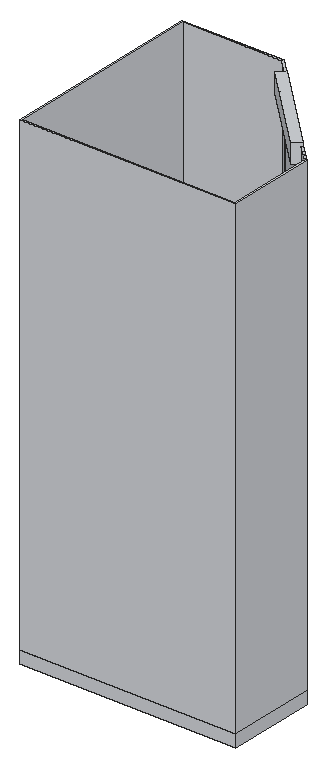
Revit family "80016bc416d04f1f906daacb16152d51", category Plumbing Fixtures, Revit 2021
Family settings
  Round Connector Dimension = Use Radius
  Part Type = Normal
  OmniClass Number = 23.45.05.14.21.11
  OmniClass Title = Bath/Shower Units
  Seek Item ID = Shower Stall - Corner-0000-USA-ENU
  Work Plane-Based = No
  Always vertical = Yes
  Cut with Voids When Loaded = No
  Shared = No
  Room Calculation Point = No
Parameters (values of type "34"x32" - Public")
  Width 1 = 0' 1 1/4" * sin(45.00°)  # 0' - 0.88388"
  WFU = 2
  Shower Width = 2' - 8"
  Shower Stall Material = none
  Shower Length = 2' - 10"
  Shower Height = 6' - 5"
  Sanitary Radius = 1"
  Sanitary Diameter = 2 * Sanitary Radius  # 2"
  Length 1 = 1' - 4"
  Hot Water Radius = 1/4"
  Hot Water Diameter = 2 * Hot Water Radius  # 1/2"
  Height 1 = 3' - 3"
  Half Door Width = 1 / 2 * Door Width  # 0' - 9"
  HWFU = 3
  Flow Pressure [instance] = 8.00 psi
  Door Width = 1' - 6"
  Door Material = none
  Door Handle Material = none
  Default Elevation = 0' - 0"
  Cold Water Radius = 1/4"
  Cold Water Diameter = 2 * Cold Water Radius  # 1/2"
  CWFU = 3
Types (3): name | HWFU | CWFU
  (no name) | 3 | 3
  34"x32" - Private | 1 | 1
  34"x32" - Public | 3 | 3
Reference planes (in)
  plane 1 "Center (Front/Back)": y = 0
  plane 2: z = 0
  plane 3 "Center (Left/Right)": x = 0
  plane 4: z = 77
  plane 5: x = 34
  plane 6: y = 32
  plane 7: y = 31.75
  plane 8: x = 0.25
  plane 9: x = 33.75
  plane 10: y = 0.25
  plane 11: y = 30.5
  plane 12: x = 1.5
  plane 13: x = 32.5
  plane 14: y = 1.5
  plane 15: x = 16
  plane 16: z = 2
  plane 17: z = 1.5
  plane 18: y = 16
  plane 19: x = 17
  plane 20: x = 15.5
  plane 21: x = 18.5
  plane 22: through (18.3839, 29.96965, 48) normal (0.7071, 0.7071, 0)
  plane 23: z = 39
  plane 24: z = 34.75
  plane 25: z = 77.5
  plane 26: z = 74.5
  plane 27: z = 36
  plane 28: y = 20.5
  plane 29: y = 11.5
Forms (in)
  Extrusion 1, solid, material <- "Shower Stall Material"
    sketch origin (0, 0, 0) x (1, 0, 0) y (0, 1, 0)
      loop
        line (0, 32) -> (0, 0) -> (34, 0) -> (34, 14) -> (31.36396, 16.63604) -> (31.18718, 16.45926) -> (33.75, 13.89645) -> (33.75, 0.25) -> (0.25, 0.25) -> (0.25, 31.75) -> (15.89645, 31.75) -> (18.45926, 29.18718) -> (18.63604, 29.36396) -> (16, 32) -> (0, 32)
    from 2 to 77
  Extrusion 2, solid, material <- "Shower Stall Material"
    sketch origin (0, 0, 0) x (1, 0, 0) y (0, 1, 0)
      loop
        line (0, 32) -> (0, 0) -> (34, 0) -> (34, 14) -> (16, 32) -> (0, 32)
    from 0 to 2
  Extrusion 3, void
    sketch origin (0, 0, 0) x (1, 0, 0) y (0, 1, 0)
      loop
        line (1.5, 30.5) -> (1.5, 1.5) -> (32.5, 1.5) -> (32.5, 13.37868) -> (15.37868, 30.5) -> (1.5, 30.5)
    from 1.5 to 2
  Extrusion 4, solid, material <- "Door Material"
    sketch origin (0, 0, 0) x (1, 0, 0) y (0, 1, 0)
      loop
        line (18.63604, 29.36396) -> (18.45926, 29.18718) -> (31.18718, 16.45926) -> (31.36396, 16.63604) -> (18.63604, 29.36396)
    from 2 to 74.5
  Extrusion 5, solid, material <- "Shower Stall Material"
    sketch origin (0, 0, 0) x (1, 0, 0) y (0, 1, 0)
      loop
        circle (17, 16) r 1.25
    from 0 to 1.5
  Extrusion 6, solid, material <- "Shower Stall Material"
    sketch origin (0, 0, 0) x (0, 1, 0) y (0, 0, 1)
      loop
        circle (20.5, 36) r 0.5
      loop
        circle (11.5, 36) r 0.5
    from 0 to 0.25
  Extrusion 7, solid, material <- "Shower Stall Material"
    sketch origin (31.36396, 16.63604, 0) x (-0.707107, 0.707107, 0) y (0, 0, 1)
      loop
        line (0, 77.5) -> (0, 74.5) -> (18, 74.5) -> (18, 77.5) -> (0, 77.5)
    from -1.5 to 0
  Extrusion 8, solid, material <- "Door Handle Material"
    sketch origin (31.36396, 16.63604, 0) x (-0.707107, 0.707107, 0) y (0, 0, 1)
      loop
        line (16.625, 39) -> (16.625, 34.75) -> (17.5, 34.75) -> (17.5, 39) -> (16.625, 39)
    from 0 to 0.23078
Cuts and joins
  Extrusion 3 cuts Extrusion 2
  joined: Extrusion 1, Extrusion 6
Lines and regions (in)
  reference lines
    curve 1: line (16, 32, 0) -> (37.92031, 10.07969, 0)
    curve 2: line (37.74353, 9.90291, 0) -> (15.82322, 31.82322, 0)
    curve 3: line (36.85965, 9.01903, 0) -> (14.93934, 30.93934, 0)
    curve 4: line (34, 32, 0) -> (19.32753, 17.32753, 0)
    curve 5: line (24.02427, 34.75219, 0) -> (16.59965, 27.32757, 0)
    curve 6: line (38.52929, 23.80137, 0) -> (26.54607, 11.81815, 0)
    curve 7: line (1.5, 1.5, 0) -> (34, 32, 0)
    curve 10: line (1.5, 30.5, 0) -> (32.5, 1.5, 0)
    curve 13: line (21.9468, 31.96761, 0) -> (15.67383, 25.69464, 0)
    curve 14: line (21.9571, 30.74048, 0) -> (16.21446, 24.99784, 0)
  symbolic lines
    curve 8: line (1.5, 1.5, 0) -> (15.5, 14.63846, 0)
    curve 9: line (18.5, 17.45385, 0) -> (23.61995, 22.25873, 0)
    curve 11: line (1.5, 30.5, 0) -> (15.5, 17.40323, 0)
    curve 12: line (18.5, 14.59677, 0) -> (32.5, 1.5, 0)
Dimensions and locks (in)
  "Shower Length": plane 3 "Center (Left/Right)" to plane 5
  "Shower Width": plane 6 to plane 1 "Center (Front/Back)"
  locked: plane 6 to plane 7 at 0.25
  locked: plane 3 "Center (Left/Right)" to plane 8 at 0.25
  locked: plane 9 to plane 5 at 0.25
  locked: plane 1 "Center (Front/Back)" to plane 10 at 0.25
  locked: plane 7 to plane 11 at 1.25
  locked: plane 8 to plane 12 at 1.25
  locked: plane 13 to plane 9 at 1.25
  locked: plane 10 to plane 14 at 1.25
  "Length 1": plane 3 "Center (Left/Right)" to plane 15
  "Shower Height": plane 4 to plane 2
  locked: plane 16 to plane 2 at 2
  locked: plane 16 to plane 17 at 0.5
  curve 3 to curve 2 to curve 1 = 0' - 1 1/4" locked, 0' - 0 1/4" locked
  "Half Door Width": curve 5 to curve 4
  "Half Door Width": curve 4 to curve 6
  equal spacing: plane 6, plane 18, plane 1 "Center (Front/Back)"
  equal spacing: plane 3 "Center (Left/Right)", plane 19, plane 5
  locked: curve 5 to curve 13 at 0.5
  locked: curve 13 to curve 14 at 0.875
  "Height 1": plane 23 to plane 2
  locked: plane 23 to plane 24 at 4.25
  locked: plane 25 to plane 4 at 0.5
  locked: plane 4 to plane 26 at 2.5
  locked: plane 27 to plane 2 at 36
  plane 28 to plane 18 to plane 29 = 0' - 4 1/2" locked, 0' - 4 1/2" locked
  locked: Extrusion 8 to Extrusion 7 at 0.23078
  plane 20 to plane 19 to plane 21 = 0' - 1 1/2" locked, 0' - 1 1/2" locked
  radius of Extrusion 5 sketch curve = 0' - 1 1/4"
  locked: curve 1 to plane 6 (angle 45.00°)
  locked: curve 4 to plane 5 (angle 45.00°)
  aligned and locked: plane 15 to curve 1
  aligned and locked: plane 3 "Center (Left/Right)" to Extrusion 1 sketch curve
  aligned and locked: Extrusion 1 sketch curve to plane 6
  aligned and locked: plane 1 "Center (Front/Back)" to Extrusion 1 sketch curve
  aligned and locked: Extrusion 1 sketch curve to plane 5
  aligned and locked: Extrusion 1 sketch curve to curve 1
  aligned and locked: plane 7 to Extrusion 1 sketch curve
  aligned and locked: Extrusion 1 sketch curve to plane 8
  aligned and locked: plane 10 to Extrusion 1 sketch curve
  aligned and locked: plane 9 to Extrusion 1 sketch curve
  aligned and locked: curve 2 to Extrusion 1 sketch curve
  aligned and locked: plane 4 to Extrusion 1
  aligned and locked: Extrusion 1 to plane 16
  aligned and locked: curve 5 to Extrusion 1 sketch curve
  aligned and locked: curve 6 to Extrusion 1 sketch curve
  aligned and locked: plane 6 to Extrusion 2 sketch curve
  aligned and locked: Extrusion 2 sketch curve to plane 3 "Center (Left/Right)"
  aligned and locked: plane 1 "Center (Front/Back)" to Extrusion 2 sketch curve
  aligned and locked: plane 5 to Extrusion 2 sketch curve
  aligned and locked: Extrusion 2 sketch curve to curve 1
  aligned and locked: Extrusion 2 to plane 2
  aligned and locked: plane 16 to Extrusion 2
  aligned and locked: plane 11 to Extrusion 3 sketch curve
  aligned and locked: curve 3 to Extrusion 3 sketch curve
  aligned and locked: plane 13 to Extrusion 3 sketch curve
  aligned and locked: plane 14 to Extrusion 3 sketch curve
  aligned and locked: Extrusion 3 sketch curve to plane 12
  aligned and locked: Extrusion 3 to plane 17
  aligned and locked: plane 16 to Extrusion 3
  aligned and locked: curve 5 to Extrusion 4 sketch curve
  aligned and locked: Extrusion 4 sketch curve to curve 2
  aligned and locked: Extrusion 4 sketch curve to curve 6
  aligned and locked: Extrusion 4 sketch curve to curve 1
  aligned and locked: Extrusion 4 to plane 16
  aligned and locked: plane 18 to Extrusion 5 sketch curve
  aligned and locked: plane 19 to Extrusion 5 sketch curve
  aligned and locked: Extrusion 5 to plane 2
  aligned and locked: plane 17 to Extrusion 5
  aligned and locked: plane 14 to curve 7
  aligned and locked: plane 12 to curve 7
  aligned and locked: plane 5 to curve 7
  aligned and locked: plane 6 to curve 7
  aligned and locked: curve 8 to curve 7
  aligned and locked: plane 14 to curve 8
  aligned and locked: plane 20 to curve 8
  aligned and locked: curve 7 to curve 9
  aligned and locked: plane 21 to curve 9
  aligned and locked: curve 3 to curve 9
  aligned and locked: plane 11 to curve 10
  aligned and locked: plane 12 to curve 10
  aligned and locked: plane 13 to curve 10
  aligned and locked: plane 14 to curve 10
  aligned and locked: curve 11 to curve 10
  aligned and locked: plane 12 to curve 11
  aligned and locked: curve 10 to curve 12
  aligned and locked: plane 21 to curve 12
  aligned and locked: plane 13 to curve 12
  aligned and locked: plane 26 to Extrusion 4
  aligned and locked: plane 27 to Extrusion 6 sketch curve  (x2)
  aligned and locked: plane 28 to Extrusion 6 sketch curve
  aligned and locked: plane 29 to Extrusion 6 sketch curve
  aligned and locked: Extrusion 6 to plane 3 "Center (Left/Right)"
  aligned and locked: plane 8 to Extrusion 6
  aligned and locked: curve 5 to Extrusion 7
  aligned and locked: Extrusion 7 to curve 6
  aligned and locked: Extrusion 7 to curve 3
  aligned and locked: Extrusion 7 to curve 1
  aligned and locked: plane 25 to Extrusion 7
  aligned and locked: Extrusion 7 to plane 26
  aligned and locked: curve 13 to Extrusion 8
  aligned and locked: Extrusion 8 to curve 14
  aligned and locked: Extrusion 8 to plane 24
  aligned and locked: plane 23 to Extrusion 8
  aligned and locked: plane 20 to curve 11
Automatic sketch dimensions
  Extrusion 1 sketch curve to plane 15 = 0' - 0.10355"
  Extrusion 1 sketch curve to Extrusion 1 sketch curve = 0' - 0.10355"
  plane 11 to curve 3 = 0' - 0.43934"
  plane 7 to curve 2 = 0' - 0.07322"
  plane 20 to curve 13 = 0' - 0.17383"
  curve 5 to plane 19 = 0' - 0.40035"
  curve 13 to plane 6 = 0' - 0.03239"
  curve 13 to curve 14 = 0' - 0.0103"
  plane 6 to curve 5 = 0' - 2.75219"
  curve 6 to plane 18 = 0' - 4.18185"
  curve 3 to curve 1 = 0' - 1.06066"  (x2)
  curve 2 to curve 1 = 0' - 0.17678"
  plane 5 to curve 6 = 0' - 4.52929"
  curve 14 to curve 13 = 0' - 0.69681"
  curve 1 to plane 6 = 0' - 0"
  Extrusion 4 to Extrusion 7 sketch curve = 0' - 0"  (x2)
  Extrusion 7 sketch curve to Extrusion 4 = 0' - 0"
  Extrusion 7 sketch curve to Extrusion 4 = 0' - 3"
  Extrusion 8 sketch curve to Extrusion 4 = 0' - 0 1/2"
  Extrusion 8 sketch curve to Extrusion 8 sketch curve = 0' - 0 7/8"
  Extrusion 4 to Extrusion 8 sketch curve = 3' - 3 3/4"
  Extrusion 8 sketch curve to Extrusion 8 sketch curve = 0' - 4 1/4"
  radius of Extrusion 6 sketch curve = 0' - 0 1/2"  (x2)
Connectors (in)
  piping at (17, 16, 0), diameter 2, driven by "Sanitary Radius", driven by "WFU"
    settings: on Extrusion 5, index 1, connector inside diameter 2", connector length 0' - 0", flow factor 0, pipe flow 0 GPM, pressure drop 0.00 psi, fitting loss kfactor 0, connector angle 0.00°, fixture units 2, engagement length 0' - 0", angle of deflection 0.00°, flow configuration 3, flow direction 2, fitting loss method 0, system type 16, joint type 0, gender type 0, connector reference index -1, connector utility 0, adjustable connector no, is connector primary no, connector description "Out"
  piping at (0, 20.5, 36), diameter 0.5, driven by "Cold Water Radius", driven by "CWFU", driven by "Flow Pressure"
    settings: on Extrusion 6, index 2, connector inside diameter 1/2", connector length 0' - 0", flow factor 0, pipe flow 0 GPM, pressure drop 8.00 psi, fitting loss kfactor 0, connector angle 0.00°, fixture units 3, engagement length 0' - 0", angle of deflection 0.00°, flow configuration 3, flow direction 1, fitting loss method 4, system type 20, joint type 0, gender type 0, connector reference index -1, connector utility 0, adjustable connector no, is connector primary yes, connector description "In"
  piping at (0, 11.5, 36), diameter 0.5, driven by "Hot Water Radius", driven by "HWFU", driven by "Flow Pressure"
    settings: on Extrusion 6, index 3, connector inside diameter 1/2", connector length 0' - 0", flow factor 0, pipe flow 0 GPM, pressure drop 8.00 psi, fitting loss kfactor 0, connector angle 0.00°, fixture units 3, engagement length 0' - 0", angle of deflection 0.00°, flow configuration 3, flow direction 1, fitting loss method 4, system type 19, joint type 0, gender type 0, connector reference index -1, connector utility 0, adjustable connector no, is connector primary no, connector description "In"
